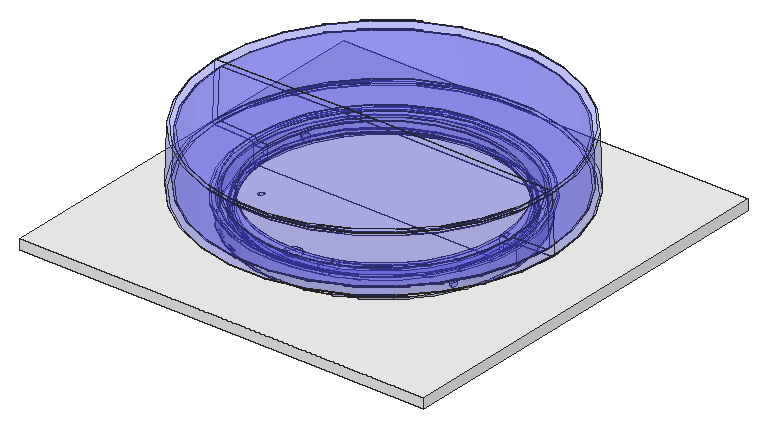
Revit family "BE_50651P_de_DE", category Leuchten, Revit 2020
Family settings
  Basisbauteil = Fläche
  Bemaßung runder Anschluss = Durchmesser verwenden
  Teiletyp = Normal
  Beim Laden mit Abzugskörper schneiden = Ja
  Lichtquelle = Ja
  Gemeinsam genutzt = Nein
  Raumberechnungspunkt = Ja
Parameters (values of type "BEGA_50651P_K4")
  built-in parameter 1150104 = 12.077 (stored number, unit not read)
  Wattage = 16.4 W
  Default Elevation = 0 mm
  built-in parameter 1150113 = 1 (stored number, unit not read)
  built-in parameter 1114218 = 1 (stored number, unit not read)
  Umgebungstemperatur = "25 °C"
  URL = "https://www.bega.com/de/produkt/50651P"
  Typenkommentare = "© 2022 BEGA. Wir behalten uns das Recht vor, technische Änderungen ohne vorherige Ankündigung vorzunehmen."  # constant formula
  built-in parameter 1150134 = 12
  built-in parameter 1150109 = 1 (stored number, unit not read)
  Strom = ""
  built-in parameter 1150110 = 1 (stored number, unit not read)
  Spannung = 239.996 V
  Sonderanfertigung = no
  Seriennummer [instance] = "Hier können Sie die eindeutige Seriennummer für das Facility Management eintragen."
  Schutzklasse = "I"
  Schutzart = "IP 44"
  Scheinlast = 0 VA
  Produktdatenblatt = "https://cdn.bega.com/bega/products/50651PK4/current/documents/data-sheets/de"
  Oberflächentemperatur = ""
  Neigungswinkel = 0.00°
  Modell = "50651PK4"
  Material_17 = BEGA_Reflektor
  Material_15 = BEGA_Leuchtmedium_matt
  Material_14 = BEGA_Kunststoff_opal
  Material_11 = BEGA_Glas_opal
  Material_09 = BEGA_Glas_klar
  Material_06 = BEGA_Oberfläche_Edelstahl_gebürstet
  Material_03 = BEGA_Oberfläche_Weiss_matt
  Material_02 = BEGA_Oberfläche_Silber_matt
  Material_01 [instance] = BEGA_Oberfläche_Grafit_matt
  M_W = no
  M_G = no
  M_A = no
  Logo = 0
  built-in parameter 1114217 = 1 (stored number, unit not read)
  built-in parameter 1150139 = (empty or 0)
  built-in parameter 1150105 = 534.37 (stored number, unit not read)
  built-in parameter 1150114 = 1 (stored number, unit not read)
  Lumens = 2132 lm
  built-in parameter 1150115 = 1 (stored number, unit not read)
  Leuchtenlichtstrom = "1795 lm"
  Leuchtenanzahl = ""
  Lebensdauerkriterien = "L70B50 @ 25 °C = 179000 h"
  Lastklassifizierung = Beleuchtung
  built-in parameter 1150112 = 1 (stored number, unit not read)
  Lampenlichtstrom = "2125 lm"
  Lampe = "LED 16.4 W"
  LED_Modulbezeichnung = "LED-0569/940"
  Hersteller = "BEGA"  # constant formula
  Halbstreuwinkel = ""
  Gewicht = "1.65 kg"
  Gebrauchslageneinschränkung [instance] = ""
  Frequenz = "0/50-60 Hz"
  Farbwiedergabeindex = "CRI > 90"
  Farbtemperaturverschiebung bei Dämpfen der Lampe = <Keine Auswahl>
  Farbtemperatur = "4000 K"
  Color Filter = 16777215
  built-in parameter 1150133 = 10 (stored number, unit not read)
  Energieeffizienzklasse = "LED A++ - A"
  built-in parameter 1150137 = (empty or 0)
  built-in parameter 1150132 = (empty or 0)
  ENEC = "ja"
  Dimmbar [instance] = "on/off"
  Datei für fotometrisches Netz = "BE_50651PK4.IES"
  CE_Konformität = "ja"
  Bestellnummer = "50651PK4"
  Beschreibung_Sonderanfertigung = "Hier können Sie Informationen zur Sonderanfertigung eintragen."
  Beschreibung = "Decken- und Wandleuchte"
  built-in parameter 1150106 = 5.3437 (stored number, unit not read)
  Befestigungsbohrung = "Ø 5,5 mm"
  Befestigungsabstand = "200 mm"
  Ballwurfsicher = ""
  BEGA_Intern_aus = yes
  BEGA_Intern_an = yes
  BEGA_Intern_Konstruktion = yes
  BEGA_Intern = yes
  BEGA_IES = yes
  BEGA_Dummy = no
  Anschlussleitung = ""
  Anschlussleistung [instance] = "18.5 W"
  Anschlusskasten = ""
  built-in parameter 1150107 = 4000 (stored number, unit not read)
  built-in parameter 1150102 = (empty or 0)
  built-in parameter 1150138 = (empty or 0)
  Aktualisierung = "2022-05-19T04:00:07"
  Abstand_zur_angestrahlten_Fläche [instance] = ""
  AC/DC = "AC/DC"
Types (2, lengths in mm): name | built-in parameter 1150104 | built-in parameter 1150134 | Modell | built-in parameter 1150105 | Lumens | Leuchtenlichtstrom | Lampenlichtstrom | LED_Modulbezeichnung | Farbtemperatur | Datei für fotometrisches Netz | Bestellnummer | built-in parameter 1150106 | built-in parameter 1150107
  BEGA_50651P_K3 | 11.613 (stored number, unit not read) | (empty or 0) | "50651PK3" | 163.13 (stored number, unit not read) | 2050 lm | "1732 lm" | "2050 lm" | "LED-0569/930" | "3000 K" | "BE_50651PK3.IES" | "50651PK3" | 1.6313 (stored number, unit not read) | 3000 (stored number, unit not read)
  BEGA_50651P_K4 | 12.077 (stored number, unit not read) | 12 | "50651PK4" | 534.37 (stored number, unit not read) | 2132 lm | "1795 lm" | "2125 lm" | "LED-0569/940" | "4000 K" | "BE_50651PK4.IES" | "50651PK4" | 5.3437 (stored number, unit not read) | 4000 (stored number, unit not read)
Reference planes
  plane 1 "Mitte (Vorne/Hinten)": y = 0
  plane 2: z = 0
  plane 3 "Mitte (Links/Rechts)": x = 0
  plane 4 "Links": x = -168.948
  plane 5 "Rechts": x = 168.948
  plane 6 "Unten": y = -168.9
  plane 7 "Oben": y = 168.9
  plane 8 "Vorne": z = 85.255
  plane 9 "Hinten": z = 0
Forms (mm)
  Extrusion 1, solid, material "BEGA_Platte_Weiss"
    sketch origin (0, -1119.2, 0) x (1, 0, 0) y (0, 1, 0)
      loop
        line (-200, 1319.2) -> (-200, 919.2) -> (200, 919.2) -> (200, 1319.2) -> (-200, 1319.2)
    from 0 to -10
  Extrusion 2, solid, material "BEGA_Dummy_matt", visible <- "BEGA_Dummy"
    sketch origin (77.149, -76.023, 0) x (1, 0, 0) y (0, 1, 0)
      loop
        circle (-77.149, 76.023) r 168.948
    from 0 to 85.255
Dimensions and locks
  plane 1 "Mitte (Vorne/Hinten)" to Extrusion 1 = 200 mm
  aligned and locked: plane 2 to Extrusion 1
  aligned and locked: level to Extrusion 1
Nested families
  nested 1: "BE_50651P" at (0, 0, 0), type "BE_50651P"
Connectors
  electrical at (0, 0, 0), driven by "Lastklassifizierung", driven by "Spannung", driven by "Scheinlast"
    settings: index 1, voltage 239.996 V, apparent load 0 VA, apparent load phase1 0 VA, apparent load phase2 0 VA, apparent load phase3 0 VA, power factor 1, load classification "Beleuchtung", number of poles 1, system type 31, power factor state 1, is connector primary yes, connector utility no, sub classification motor no, connector description ""
Definition of nested family "BE_50651P"
  Parameters (values of type "BE_50651P")
    Default Elevation = 1 mm
    URL = "http://www.bega.de/de/produkt"
    Type Comments = "© 2015 BEGA. Wir behalten uns das Recht vor, technische Änderungen ohne vorherige Ankündigung vorzunehmen. "  # constant formula
    Type Image = (empty or 0)
    Neigungswinkel_um_Z2 = 0.00°
    Neigungswinkel_um_Z1 = 0.00°
    Neigungswinkel_um_Y2 = 0.00°
    Neigungswinkel_um_Y1 = 0.00°
    Neigungswinkel_um_X2 = 0.00°
    Neigungswinkel_um_X1 = 0.00°
    Material_17 = none
    Material_15 = none
    Material_14 = none
    Material_11 = none
    Material_09 = none
    Material_06 = none
    Material_05 = none
    Material_03 = none
    Material_02 = none
    Material_01 = none
    M_W = yes
    M_G = yes
    M_A = yes
    Länge_Platte = 450 mm  # constant formula
    Höhe_Platte = -10 mm  # constant formula
    Manufacturer = "BEGA"  # constant formula
    Drehwinkel_um_Z2 = 0.00°
    Drehwinkel_um_Z1 = 0.00°
    Breite_Platte = 450 mm  # constant formula
  Reference planes
    plane 1 "Mitte (Oben/Unten)": y = 0
    plane 2: z = 0
    plane 3 "Mitte (Links/Rechts)": x = 0
    plane 4: x = -168.948
    plane 5: z = 85.255
    plane 6: x = 168.948
    plane 7: y = -168.9
    plane 8: y = 168.9
  Forms (mm)
    Extrusion 1, solid, detail levels medium
      sketch origin (0, 0, 0) x (1, 0, 0) y (0, 1, 0)
        loop
          line (-225, 225) -> (-225, -225) -> (225, -225) -> (225, 225) -> (-225, 225)
      from 0 to -10 <- "Höhe_Platte"
    Revolve 2, solid, material <- "Material_03", detail levels medium+fine
      sketch origin (0, 0, 0) x (1, 0, 0) y (0, 0, 1)
        loop
          line (-131.35, 4) -> (-131.63, 20.036)
          arc (-131.63, 20.036) -> (-132.229, 21.427) -> (-133.63, 22) r 2
          line (-133.63, 22) -> (-135, 22) -> (-135, 24) -> (-133.627, 24)
          arc (-133.627, 24) -> (-130.825, 22.852) -> (-129.631, 20.07) r 4
          line (-129.631, 20.07) -> (-129.367, 4.983)
          arc (-129.367, 4.983) -> (-129.068, 4.287) -> (-128.367, 4) r 1
          line (-128.367, 4) -> (0, 4) -> (0, 1.99) -> (-129.29, 1.99)
          arc (-129.29, 1.99) -> (-130.714, 2.586) -> (-131.3, 4) r 2
        axis (0, 1.99) -> (0, 24)
      angle from 0 to 360
    Revolve 3, solid, material <- "Material_03", detail levels medium+fine
      sketch origin (0, 0, 0) x (1, 0, 0) y (0, 0, 1)
        loop
          arc (-124.759, 2.845) -> (-122.212, 0.75) -> (-119, 0) r 7.249
          line (-119, 0) -> (-119, 2.845) -> (-124.759, 2.845)
        axis (-119, 0) -> (-119, 2.845)
      angle from 0 to 360
    Revolve 4, solid, material <- "Material_03", detail levels medium+fine
      sketch origin (0, 0, 0) x (0, -1, 0) y (0, 0, 1)
        loop
          arc (-124.759, 2.845) -> (-122.212, 0.75) -> (-119, 0) r 7.249
          line (-119, 0) -> (-119, 2.845) -> (-124.759, 2.845)
        axis (-119, 0) -> (-119, 2.845)
      angle from 0 to 360
    Revolve 5, solid, material <- "Material_03", detail levels medium+fine
      sketch origin (0, 0, 0) x (0, 1, 0) y (0, 0, 1)
        loop
          arc (-124.759, 2.845) -> (-122.212, 0.75) -> (-119, 0) r 7.249
          line (-119, 0) -> (-119, 2.845) -> (-124.759, 2.845)
        axis (-119, 0) -> (-119, 2.845)
      angle from 0 to 360
    Revolve 6, solid, material <- "Material_03", detail levels medium+fine
      sketch origin (0, 0, 0) x (-1, 0, 0) y (0, 0, 1)
        loop
          arc (-124.759, 2.845) -> (-122.212, 0.75) -> (-119, 0) r 7.249
          line (-119, 0) -> (-119, 2.845) -> (-124.759, 2.845)
        axis (-119, 0) -> (-119, 2.845)
      angle from 0 to 360
    Revolve 7, solid, material <- "Material_14", detail levels medium+fine
      sketch origin (0, 0, 0) x (1, 0, 0) y (0, 0, 1)
        loop
          arc (-165.579, 83.3) -> (-166.944, 82.717) -> (-167.531, 81.353) r 2
          line (-167.531, 81.353) -> (-168.948, 27.237)
          arc (-168.948, 27.237) -> (-168.406, 25.815) -> (-167.021, 25.186) r 2
          line (-167.021, 25.186) -> (-130.472, 23.91)
          arc (-130.472, 23.91) -> (-129.762, 21.529) -> (-127.5, 20.5) r 3
          line (-127.5, 20.5) -> (-118.75, 20.5) -> (-118.75, 14.266)
          arc (-118.75, 14.266) -> (-118.957, 13.658) -> (-119.491, 13.301) r 1
          line (-119.491, 13.301) -> (-120.509, 13.029)
          arc (-120.509, 13.029) -> (-121.043, 12.671) -> (-121.25, 12.062) r 1
          line (-121.25, 12.062) -> (-121.25, 8.5) -> (-117.25, 8.5) -> (-117.25, 11.116) -> (-115.732, 11.523)
          arc (-115.732, 11.523) -> (-114.663, 12.239) -> (-114.25, 13.457) r 2
          line (-114.25, 13.457) -> (-114.25, 22.559)
          arc (-114.25, 22.559) -> (-114.448, 24.079) -> (-115.024, 25.5) r 6
          line (-115.024, 25.5) -> (-125.52, 25.5)
          arc (-125.52, 25.5) -> (-126.227, 27.799) -> (-128.395, 28.84) r 3
          line (-128.395, 28.84) -> (-161.889, 30.009)
          arc (-161.889, 30.009) -> (-163.277, 30.638) -> (-163.82, 32.062) r 2
          line (-163.82, 32.062) -> (-162.659, 76.463)
          arc (-162.659, 76.463) -> (-162.072, 77.828) -> (-160.706, 78.411) r 1.999
          arc (-160.706, 78.411) -> (-80.358, 79.793) -> (0, 80.254) r 7008.517
          line (0, 80.254) -> (0, 85.255)
          arc (0, 85.255) -> (-82.795, 84.766) -> (-165.579, 83.3) r 7013.52
        axis (0, 85.255) -> (0, 8.5)
      angle from 0 to 360
    Extrusion 8, void
      sketch origin (0, 0, 0) x (1, 0, 0) y (0, 1, 0)
        loop
          circle (93.969, 34.202) r 2.75
        loop
          circle (-93.969, -34.202) r 2.75
        loop
          circle (-17.5, -90) r 8.5
        loop
          circle (17.5, -90) r 8.5
      from 0 to 6
    Revolve 9, solid, material <- "Material_06", detail levels fine
      sketch origin (0, 0, 11) x (1, 0, 0) y (0, 1, 0)
        loop
          line (-119.997, 53.917) -> (-121.371, 50.972) -> (-114.944, 47.975) -> (-113.571, 50.92) -> (-119.997, 53.917)
        axis (-114.944, 47.975) -> (-121.371, 50.972)
      angle from 0 to 360
    Revolve 10, solid, material <- "Material_06", detail levels fine
      sketch origin (0, 0, 11) x (-0.642788, 0.766044, 0) y (-0.766044, -0.642788, 0)
        loop
          line (-119.997, -53.917) -> (-113.571, -50.92) -> (-114.944, -47.975) -> (-121.371, -50.972) -> (-119.997, -53.917)
        axis (-114.944, -47.975) -> (-121.371, -50.972)
      angle from 0 to 360
  Cuts and joins
    Extrusion 8 cuts Revolve 2
    Extrusion 8 cuts Revolve 3
    Extrusion 8 cuts Revolve 4
    Extrusion 8 cuts Revolve 5
    Extrusion 8 cuts Revolve 6
    joined: Revolve 2, Revolve 3, Revolve 4, Revolve 5, Revolve 6
  Dimensions and locks
    equal spacing: Extrusion 1 sketch curve, plane 3 "Mitte (Links/Rechts)", Extrusion 1 sketch curve
    equal spacing: Extrusion 1 sketch curve, plane 1 "Mitte (Oben/Unten)", Extrusion 1 sketch curve
    "Länge_Platte": Extrusion 1 sketch curve to Extrusion 1 sketch curve
    "Breite_Platte": Extrusion 1 sketch curve to Extrusion 1 sketch curve
    aligned and locked: Extrusion 1 to plane 2
    aligned and locked: level to Extrusion 1
  Automatic sketch dimensions
    Revolve 2 sketch curve to plane 3 "Mitte (Links/Rechts)" = 0 mm  (x2)
    level to Revolve 2 sketch curve = 4 mm  (x2)
    Revolve 2 sketch curve to Revolve 2 sketch curve = 0.933 mm
    level to Revolve 2 sketch curve = 20.036 mm
    Revolve 2 sketch curve to Revolve 2 sketch curve = 3.263 mm
    Revolve 2 sketch curve to Revolve 2 sketch curve = 1.997 mm
    Revolve 2 sketch curve to Revolve 2 sketch curve = 2 mm  (x4)
    Revolve 2 sketch curve to Revolve 2 sketch curve = 0 mm  (x9)
    Revolve 2 sketch curve to Revolve 2 sketch curve = 1.37 mm  (x2)
    level to Revolve 2 sketch curve = 1.99 mm
    Revolve 2 sketch curve to Revolve 2 sketch curve = 1 mm
    Revolve 2 sketch curve to Revolve 2 sketch curve = 0.036 mm
    Revolve 2 sketch curve to Revolve 2 sketch curve = 0.01 mm  (x2)
    Revolve 2 sketch curve to Revolve 2 sketch curve = 0.067 mm
    level to Revolve 2 sketch curve = 4.983 mm
    level to Revolve 2 sketch curve = 20.07 mm
    Revolve 2 sketch curve to Revolve 2 sketch curve = 0.05 mm
    Revolve 2 sketch curve to Revolve 2 sketch curve = 0.569 mm
    level to Revolve 3 sketch curve = 2.845 mm
    Revolve 3 sketch curve to Revolve 3 sketch curve = 5.758 mm
    Revolve 3 sketch curve to Revolve 3 sketch curve = 0 mm  (x3)
    level to Revolve 3 sketch curve = 0 mm
    Revolve 3 sketch curve to Revolve 3 sketch curve = 0.469 mm
    level to Revolve 4 sketch curve = 2.845 mm
    Revolve 4 sketch curve to Revolve 4 sketch curve = 5.758 mm
    Revolve 4 sketch curve to Revolve 4 sketch curve = 0 mm  (x3)
    level to Revolve 4 sketch curve = 0 mm
    Revolve 4 sketch curve to Revolve 4 sketch curve = 0.469 mm
    level to Revolve 5 sketch curve = 2.845 mm
    Revolve 5 sketch curve to Revolve 5 sketch curve = 5.758 mm
    Revolve 5 sketch curve to Revolve 5 sketch curve = 0 mm  (x3)
    level to Revolve 5 sketch curve = 0 mm
    Revolve 5 sketch curve to Revolve 5 sketch curve = 0.469 mm
    level to Revolve 6 sketch curve = 2.845 mm
    Revolve 6 sketch curve to Revolve 6 sketch curve = 5.758 mm
    Revolve 6 sketch curve to Revolve 6 sketch curve = 0 mm  (x3)
    level to Revolve 6 sketch curve = 0 mm
    Revolve 6 sketch curve to Revolve 6 sketch curve = 0.469 mm
    Revolve 7 sketch curve to plane 3 "Mitte (Links/Rechts)" = 0 mm  (x2)
    level to Revolve 7 sketch curve = 22.559 mm
    Revolve 7 sketch curve to Revolve 7 sketch curve = 0.774 mm
    Revolve 7 sketch curve to Revolve 7 sketch curve = 2 mm  (x2)
    Revolve 7 sketch curve to Revolve 7 sketch curve = 1 mm  (x4)
    Revolve 7 sketch curve to Revolve 7 sketch curve = 4.5 mm
    Revolve 7 sketch curve to Revolve 7 sketch curve = 0.5 mm
    Revolve 7 sketch curve to Revolve 7 sketch curve = 1.5 mm
    Revolve 7 sketch curve to Revolve 7 sketch curve = 5.269 mm
    Revolve 7 sketch curve to Revolve 7 sketch curve = 1.98 mm
    level to Revolve 7 sketch curve = 23.91 mm
    Revolve 7 sketch curve to Revolve 7 sketch curve = 1.972 mm
    Revolve 7 sketch curve to Revolve 7 sketch curve = 31.349 mm
    Revolve 7 sketch curve to Revolve 7 sketch curve = 0.068 mm
    Revolve 7 sketch curve to Revolve 7 sketch curve = 1.998 mm
    Revolve 7 sketch curve to Revolve 7 sketch curve = 1.999 mm  (x5)
    Revolve 7 sketch curve to Revolve 7 sketch curve = 2.873 mm
    Revolve 7 sketch curve to Revolve 7 sketch curve = 3.129 mm
    Revolve 7 sketch curve to Revolve 7 sketch curve = 0.072 mm
    plane 3 "Mitte (Links/Rechts)" to Revolve 7 sketch curve = 0 mm
    plane 3 "Mitte (Links/Rechts)" to Revolve 7 sketch curve = 0.003 mm
    Revolve 7 sketch curve to Revolve 7 sketch curve = 0.007 mm
    Revolve 7 sketch curve to Revolve 7 sketch curve = 2.052 mm
    Revolve 7 sketch curve to Revolve 7 sketch curve = 6.233 mm
    Revolve 7 sketch curve to Revolve 7 sketch curve = 0.001 mm
    Revolve 7 sketch curve to Revolve 7 sketch curve = 0.809 mm
    Revolve 7 sketch curve to Revolve 7 sketch curve = 2.205 mm
    Revolve 7 sketch curve to Revolve 7 sketch curve = 2.341 mm
    Revolve 7 sketch curve to Revolve 7 sketch curve = 2.616 mm
    Revolve 7 sketch curve to level = 6928.263 mm
    Revolve 7 sketch curve to Revolve 7 sketch curve = 0.002 mm
    level to Revolve 7 sketch curve = 25.186 mm
    Revolve 7 sketch curve to Revolve 7 sketch curve = 2.342 mm
    Revolve 7 sketch curve to Revolve 7 sketch curve = 2.825 mm
    Revolve 7 sketch curve to Revolve 7 sketch curve = 44.404 mm
    Revolve 7 sketch curve to Revolve 7 sketch curve = 0.051 mm
    level to Revolve 7 sketch curve = 80.254 mm
    Revolve 7 sketch curve to Revolve 7 sketch curve = 2.889 mm
    Revolve 7 sketch curve to Revolve 7 sketch curve = 5.001 mm
    Revolve 7 sketch curve to Revolve 7 sketch curve = 1.518 mm
    level to Revolve 7 sketch curve = 11.523 mm
    Revolve 7 sketch curve to Revolve 7 sketch curve = 0 mm  (x12)
    Revolve 7 sketch curve to Revolve 7 sketch curve = 0.259 mm  (x2)
    level to Revolve 7 sketch curve = 13.301 mm
    level to Revolve 7 sketch curve = 13.029 mm
    level to Revolve 7 sketch curve = 28.84 mm
    Revolve 7 sketch curve to Revolve 7 sketch curve = 0.105 mm
    Revolve 7 sketch curve to Revolve 7 sketch curve = 0.047 mm
    Revolve 7 sketch curve to Revolve 7 sketch curve = 14.999 mm
    Revolve 7 sketch curve to Revolve 7 sketch curve = 0.052 mm
    Revolve 9 sketch curve to plane 1 "Mitte (Oben/Unten)" = 53.917 mm
    Revolve 9 sketch curve to Revolve 9 sketch curve = 1.374 mm  (x2)
    Revolve 9 sketch curve to plane 1 "Mitte (Oben/Unten)" = 47.975 mm
    Revolve 9 sketch curve to Revolve 9 sketch curve = 6.426 mm
    Revolve 9 sketch curve to Revolve 9 sketch curve = 2.945 mm
    Revolve 9 sketch curve to Revolve 9 sketch curve = 1.945 mm
    Revolve 9 sketch curve to Revolve 9 sketch curve = 4.067 mm
    Revolve 9 sketch curve to Revolve 9 sketch curve = 1.896 mm
    Revolve 9 sketch curve to Revolve 9 sketch curve = 0.907 mm
    plane 1 "Mitte (Oben/Unten)" to Revolve 10 sketch curve = 60.211 mm
    Revolve 10 sketch curve to Revolve 10 sketch curve = 1.374 mm  (x2)
    Revolve 10 sketch curve to Revolve 10 sketch curve = 6.426 mm
    Revolve 10 sketch curve to Revolve 10 sketch curve = 2.946 mm
    Revolve 10 sketch curve to Revolve 10 sketch curve = 2.945 mm
    Revolve 10 sketch curve to Revolve 10 sketch curve = 1.945 mm
    Revolve 10 sketch curve to Revolve 10 sketch curve = 4.067 mm
    Revolve 10 sketch curve to Revolve 10 sketch curve = 0.907 mm
    Revolve 10 sketch curve to Revolve 10 sketch curve = 1.896 mm
    Revolve 2 sketch curve to plane 4 = 40.581 mm
    Revolve 3 sketch curve to plane 4 = 44.19 mm
    plane 4 to Revolve 7 sketch curve = 0 mm
    Revolve 7 sketch curve to plane 4 = 3.416 mm
    Revolve 9 sketch curve to plane 4 = 47.578 mm
    Revolve 6 sketch curve to plane 6 = 44.19 mm
    Revolve 10 sketch curve to plane 6 = 51.886 mm
    plane 7 to Revolve 5 sketch curve = 44.141 mm
    plane 8 to Revolve 4 sketch curve = 44.141 mm
    plane 1 "Mitte (Oben/Unten)" to Extrusion 8 sketch curve = 34.202 mm
    Extrusion 8 sketch curve to plane 4 = 74.979 mm
    Extrusion 8 sketch curve to plane 3 "Mitte (Links/Rechts)" = 17.5 mm
    plane 3 "Mitte (Links/Rechts)" to Extrusion 8 sketch curve = 17.5 mm
    Extrusion 8 sketch curve to plane 1 "Mitte (Oben/Unten)" = 34.202 mm
    Extrusion 8 sketch curve to plane 6 = 74.979 mm
    plane 7 to Extrusion 8 sketch curve = 78.9 mm
    Extrusion 8 sketch curve to Extrusion 8 sketch curve = 0 mm
    radius of Extrusion 8 sketch curve = 2.75 mm  (x2)
    radius of Extrusion 8 sketch curve = 8.5 mm  (x2)
